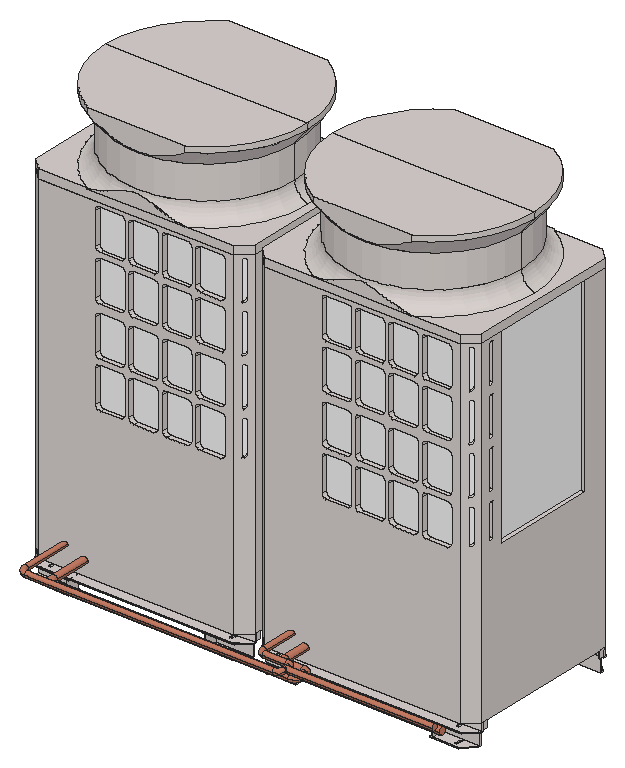
Revit family "PURY-EP550YSNW-A1", category 機械設備, Revit 2016 (continued)
Definition of nested family "PURY-EP300YNW-A1"
  Connectors
    piping at (-217, -189, 176), diameter 22.2, driven by "Gas pipe_radius"
      settings: on Extrusion 18, index 3, connector inside diameter 22.2 mm, connector length 0.000 mm, flow factor 0, pipe flow 0.0 L/s, pressure drop 0.0 Pa, fitting loss kfactor 0, connector angle 0.00°, fixture units 0, engagement length 0.000 mm, angle of deflection 0.00°, flow configuration 0, flow direction 0, fitting loss method 0, system type 22, joint type 0, gender type 0, connector reference index -1, connector utility 0, adjustable connector no, is connector primary yes, connector description "Refrigerant service valve (gas)"
    piping at (-300, -172, 176), diameter 9.52, driven by "Liquid pipe_radius"
      settings: on Extrusion 19, index 4, connector inside diameter 9.52 mm, connector length 0.000 mm, flow factor 0, pipe flow 0.0 L/s, pressure drop 0.0 Pa, fitting loss kfactor 0, connector angle 0.00°, fixture units 0, engagement length 0.000 mm, angle of deflection 0.00°, flow configuration 0, flow direction 0, fitting loss method 0, system type 22, joint type 0, gender type 0, connector reference index -1, connector utility 0, adjustable connector no, is connector primary no, connector description "Refrigerant service valve (Liquid)"
    electrical at (0, -370, 808)
      settings: on cut or joined group of Extrusion 1, Extrusion 2, Extrusion 3, Extrusion 4, Extrusion 5, Extrusion 6, Extrusion 7, Extrusion 8, Extrusion 9, Extrusion 10, Extrusion 11, Extrusion 12, Extrusion 13, Extrusion 14, Extrusion 15, Extrusion 16, Extrusion 17, Extrusion 20, Extrusion 21, Extrusion 22, Extrusion 23, Extrusion 24, Extrusion 25, Extrusion 26, Extrusion 27, Extrusion 28, Extrusion 29, Extrusion 30, Extrusion 31, Extrusion 32, index 5, voltage 415 V, apparent load 0 VA, apparent load phase1 0 VA, apparent load phase2 0 VA, apparent load phase3 0 VA, power factor 1, load classification none, number of poles 3, system type 30, power factor state 1, is connector primary yes, connector utility no, sub classification motor no, connector description ""
  Definition of nested family "FAN GUARD"
    Parameters
      WIDTH [instance] = 920.000 mm
    Reference planes
      plane 1 "中心(正面/背面)": y = 0
      plane 2: z = 0
      plane 3 "中心(左/右)": x = 0
      plane 4 "ファンガード基準面": z = 660
      plane 5: y = 370
      plane 6: y = -370
      plane 7: x = 460
      plane 8: x = -460
      plane 9 "ファンガード基準上面": z = 694
      plane 10 "ファンガード上面": z = 997
    Forms (mm)
      Extrusion 1, solid
        sketch origin (0, 0, 660) x (-1, 0, 0) y (0, -1, 0)
          loop
            line (410, -370) -> (460, -320) -> (460, 320) -> (410, 370) -> (-410, 370) -> (-460, 320) -> (-460, -320) -> (-410, -370) -> (410, -370)
        from 0 to 34
      Revolve 2, solid
        sketch origin (0, 0, 0) x (1, 0, 0) y (0, 0, 1)
          loop
            line (0, 694) -> (0, 997) -> (-423, 997) -> (-423, 973) -> (-368.829, 903.664) -> (-368.829, 764.141)
            arc (-368.829, 764.141) -> (-384.109, 719.678) -> (-423.494, 694) r 72.332
            line (-423.494, 694) -> (0, 694)
          axis (0, 997) -> (0, 694)
        angle from 0 to 360
      Extrusion 3, void
        sketch origin (0, 0, 694) x (-1, 0, 0) y (0, -1, 0)
          loop
            line (345, -370) -> (-345, -370) -> (-345, -545) -> (345, -545) -> (345, -370)
          loop
            line (345, 370) -> (345, 539.592) -> (-345, 539.592) -> (-345, 370) -> (345, 370)
        from 0 to 400
    Cuts and joins
      Extrusion 3 cuts Revolve 2
    Lines and regions (mm)
      model lines
        curve 1: line (-423, 0, 997) -> (-80, 0, 997)
        curve 2: line (80, 0, 997) -> (423, 0, 997)
        curve 3: circle (0, 0, 997) r 80 normal (0, 0, 1)
        curve 4: line (-415.366, -80, 997) -> (415.366, -80, 997)
        curve 5: line (-391.572, -160, 997) -> (391.572, -160, 997)
        curve 6: line (-348.323, -240, 997) -> (348.323, -240, 997)
        curve 7: line (-276.639, -320, 997) -> (276.639, -320, 997)
        curve 8: line (-415.366, 80, 997) -> (415.366, 80, 997)
        curve 9: line (-391.572, 160, 997) -> (391.572, 160, 997)
        curve 10: line (-348.323, 240, 997) -> (348.323, 240, 997)
        curve 11: line (-276.639, 320, 997) -> (276.639, 320, 997)
        curve 12: line (0, 370, 997) -> (0, -370, 997)
        curve 13: line (-20, 370, 997) -> (-20, -370, 997)
        curve 14: line (-40, 370, 997) -> (-40, -370, 997)
        curve 15: line (-60, 370, 997) -> (-60, -370, 997)
        curve 16: line (-80, 370, 997) -> (-80, -370, 997)
        curve 17: line (20, 370, 997) -> (20, -370, 997)
        curve 18: line (40, 370, 997) -> (40, -370, 997)
        curve 19: line (60, 370, 997) -> (60, -370, 997)
        curve 20: line (80, 370, 997) -> (80, -370, 997)
        curve 21: line (100, 370, 997) -> (100, -370, 997)
        curve 22: line (120, 370, 997) -> (120, -370, 997)
        curve 23: line (140, 370, 997) -> (140, -370, 997)
        curve 24: line (160, 370, 997) -> (160, -370, 997)
        curve 25: line (180, 370, 997) -> (180, -370, 997)
        curve 26: line (200, 370, 997) -> (200, -370, 997)
        curve 27: line (220, 361.288, 997) -> (220, -361.288, 997)
        curve 28: line (240, 348.323, 997) -> (240, -348.323, 997)
        curve 29: line (260, 333.66, 997) -> (260, -333.66, 997)
        curve 30: line (280, 317.063, 997) -> (280, -317.063, 997)
        curve 31: line (300, 298.21, 997) -> (300, -298.21, 997)
        curve 32: line (320, 276.639, 997) -> (320, -276.639, 997)
        curve 33: line (340, 251.653, 997) -> (340, -251.653, 997)
        curve 34: line (360, 222.101, 997) -> (360, -222.101, 997)
        curve 35: line (380, 185.82, 997) -> (380, -185.82, 997)
        curve 36: line (400, 137.583, 997) -> (400, -137.583, 997)
        curve 37: line (420, 50.289, 997) -> (420, -50.289, 997)
        curve 38: line (-100, 370, 997) -> (-100, -370, 997)
        curve 39: line (-120, 370, 997) -> (-120, -370, 997)
        curve 40: line (-140, 370, 997) -> (-140, -370, 997)
        curve 41: line (-160, 370, 997) -> (-160, -370, 997)
        curve 42: line (-180, 370, 997) -> (-180, -370, 997)
        curve 43: line (-200, 370, 997) -> (-200, -370, 997)
        curve 44: line (-220, 361.288, 997) -> (-220, -361.288, 997)
        curve 45: line (-240, 348.323, 997) -> (-240, -348.323, 997)
        curve 46: line (-260, 333.66, 997) -> (-260, -333.66, 997)
        curve 47: line (-280, 317.063, 997) -> (-280, -317.063, 997)
        curve 48: line (-300, 298.21, 997) -> (-300, -298.21, 997)
        curve 49: line (-320, 276.639, 997) -> (-320, -276.639, 997)
        curve 50: line (-340, 251.653, 997) -> (-340, -251.653, 997)
        curve 51: line (-360, 222.101, 997) -> (-360, -222.101, 997)
        curve 52: line (-380, 185.82, 997) -> (-380, -185.82, 997)
        curve 53: line (-400, 137.583, 997) -> (-400, -137.583, 997)
        curve 54: line (-420, 50.289, 997) -> (-420, -50.289, 997)
        curve 55: line (10, 79.373, 997) -> (10, -79.373, 997)
        curve 56: line (-10, 79.373, 997) -> (-10, -79.373, 997)
        curve 57: line (30, 74.162, 997) -> (30, -74.162, 997)
        curve 58: line (50, 62.45, 997) -> (50, -62.45, 997)
        curve 59: line (70, 38.73, 997) -> (70, -38.73, 997)
        curve 60: line (-30, 74.162, 997) -> (-30, -74.162, 997)
        curve 61: line (-50, 62.45, 997) -> (-50, -62.45, 997)
        curve 62: line (-70, 38.73, 997) -> (-70, -38.73, 997)
    Dimensions and locks
      "WIDTH": plane 8 to plane 7
      locked: plane 6 to plane 5 at 740
      equal spacing: plane 8, plane 3 "中心(左/右)", plane 7
      equal spacing: plane 6, plane 1 "中心(正面/背面)", plane 5
      plane 3 "中心(左/右)" to Revolve 2 sketch curve = 423.000 mm
      locked: plane 10 "ファンガード上面" to plane 9 "ファンガード基準上面" at 303
      aligned and locked: level to plane 2
      aligned and locked: plane 5 to Extrusion 1 sketch curve
      aligned and locked: Extrusion 1 sketch curve to plane 6
      aligned and locked: plane 8 to Extrusion 1 sketch curve
      aligned and locked: plane 7 to Extrusion 1 sketch curve
      aligned and locked: plane 9 "ファンガード基準上面" to Extrusion 1
      aligned and locked: plane 4 "ファンガード基準面" to Extrusion 1
      aligned and locked: plane 9 "ファンガード基準上面" to Revolve 2 sketch curve
      aligned and locked: Revolve 2 sketch curve to plane 3 "中心(左/右)"
      aligned and locked: Extrusion 1 to Extrusion 3 sketch curve
      aligned and locked: Extrusion 3 sketch curve to Extrusion 1
      aligned and locked: cut or joined group of Revolve 2, Extrusion 3 to plane 10 "ファンガード上面"
    Automatic sketch dimensions
      Extrusion 1 sketch curve to plane 7 = 50.000 mm  (x2)
      plane 8 to Extrusion 1 sketch curve = 50.000 mm  (x2)
      plane 5 to Extrusion 1 sketch curve = 50.000 mm  (x2)
      Extrusion 1 sketch curve to plane 6 = 50.000 mm  (x2)
      plane 3 "中心(左/右)" to Extrusion 3 sketch curve = 345.000 mm  (x2)
      Extrusion 3 sketch curve to plane 3 "中心(左/右)" = 345.000 mm  (x2)
      Extrusion 3 sketch curve to Extrusion 3 sketch curve = 175.000 mm
      Extrusion 3 sketch curve to Extrusion 3 sketch curve = 169.592 mm
      plane 1 "中心(正面/背面)" to curve 2 = 0.000 mm
      plane 1 "中心(正面/背面)" to curve 3 = 0.000 mm
      curve 3 to plane 3 "中心(左/右)" = 0.000 mm
      curve 12 to plane 3 "中心(左/右)" = 0.000 mm
      plane 1 "中心(正面/背面)" to curve 1 = 0.000 mm
      plane 3 "中心(左/右)" to curve 55 = 10.000 mm
      curve 17 to curve 12 = 20.000 mm
      curve 57 to curve 55 = 20.000 mm
      curve 18 to curve 17 = 20.000 mm
      curve 58 to curve 57 = 20.000 mm
      curve 19 to curve 18 = 20.000 mm
      curve 59 to curve 58 = 20.000 mm
      curve 20 to curve 19 = 20.000 mm
      curve 2 to curve 59 = 10.000 mm
      curve 21 to curve 20 = 20.000 mm
      curve 22 to curve 21 = 20.000 mm
      curve 23 to curve 22 = 20.000 mm
      curve 24 to curve 23 = 20.000 mm
      curve 25 to curve 24 = 20.000 mm
      curve 26 to curve 25 = 20.000 mm
      curve 27 to curve 26 = 20.000 mm
      curve 28 to curve 27 = 20.000 mm
      curve 29 to curve 28 = 20.000 mm
      curve 11 to curve 29 = 16.639 mm
      curve 7 to curve 29 = 16.639 mm
      curve 30 to curve 7 = 3.361 mm
      curve 31 to curve 30 = 20.000 mm
      curve 32 to curve 31 = 20.000 mm
      curve 33 to curve 32 = 20.000 mm
      curve 6 to curve 33 = 8.323 mm
      curve 10 to curve 33 = 8.323 mm
      curve 34 to curve 10 = 11.677 mm
      curve 35 to curve 34 = 20.000 mm
      curve 9 to curve 35 = 11.572 mm
      curve 5 to curve 35 = 11.572 mm
      curve 36 to curve 9 = 8.428 mm
      curve 8 to curve 36 = 15.366 mm
      curve 4 to curve 36 = 15.366 mm
      curve 37 to curve 8 = 4.634 mm
      curve 2 to curve 37 = 3.000 mm
      curve 56 to plane 3 "中心(左/右)" = 10.000 mm
      curve 13 to plane 3 "中心(左/右)" = 20.000 mm
      curve 56 to curve 60 = 20.000 mm
      curve 13 to curve 14 = 20.000 mm
      curve 60 to curve 61 = 20.000 mm
      curve 14 to curve 15 = 20.000 mm
      curve 61 to curve 62 = 20.000 mm
      curve 15 to curve 16 = 20.000 mm
      curve 16 to curve 38 = 20.000 mm
      curve 38 to curve 39 = 20.000 mm
      curve 39 to curve 40 = 20.000 mm
      curve 40 to curve 41 = 20.000 mm
      curve 41 to curve 42 = 20.000 mm
      curve 42 to curve 43 = 20.000 mm
      curve 43 to curve 44 = 20.000 mm
      curve 44 to curve 45 = 20.000 mm
      curve 45 to curve 46 = 20.000 mm
      curve 46 to curve 7 = 16.639 mm
      curve 46 to curve 11 = 16.639 mm
      curve 7 to curve 47 = 3.361 mm
      curve 47 to curve 48 = 20.000 mm
      curve 48 to curve 49 = 20.000 mm
      curve 49 to curve 50 = 20.000 mm
      curve 50 to curve 6 = 8.323 mm
      curve 50 to curve 10 = 8.323 mm
      curve 10 to curve 51 = 11.677 mm
      curve 51 to curve 52 = 20.000 mm
      curve 52 to curve 9 = 11.572 mm
      curve 52 to curve 5 = 11.572 mm
      curve 5 to curve 53 = 8.428 mm
      curve 53 to curve 4 = 15.366 mm
      curve 53 to curve 8 = 15.366 mm
      curve 4 to curve 54 = 4.634 mm
      curve 54 to curve 1 = 3.000 mm
      curve 8 to plane 1 "中心(正面/背面)" = 80.000 mm
      curve 36 to curve 8 = 57.583 mm
      curve 53 to curve 8 = 57.583 mm
      curve 9 to curve 36 = 22.417 mm
      curve 52 to curve 9 = 25.820 mm
      curve 35 to curve 9 = 25.820 mm
      curve 51 to curve 52 = 36.282 mm
      curve 34 to curve 35 = 36.282 mm
      curve 10 to curve 51 = 17.899 mm
      curve 33 to curve 10 = 11.653 mm
      curve 50 to curve 10 = 11.653 mm
      curve 49 to curve 50 = 24.986 mm
      curve 32 to curve 33 = 24.986 mm
      curve 48 to curve 49 = 21.571 mm
      curve 31 to curve 32 = 21.571 mm
      curve 47 to curve 48 = 18.853 mm
      curve 30 to curve 31 = 18.853 mm
      curve 11 to curve 30 = 2.937 mm
      curve 29 to curve 11 = 13.660 mm
      curve 46 to curve 11 = 13.660 mm
      curve 28 to curve 29 = 14.663 mm
      curve 45 to curve 46 = 14.663 mm
      curve 44 to curve 45 = 12.965 mm
      curve 27 to curve 28 = 12.965 mm
      curve 12 to curve 27 = 8.712 mm
      curve 12 to curve 21 = 0.000 mm
      curve 13 to curve 12 = 0.000 mm
      curve 14 to curve 13 = 0.000 mm  (x2)
      curve 12 to curve 18 = 0.000 mm
      curve 21 to curve 23 = 0.000 mm
      curve 43 to curve 44 = 8.712 mm
      curve 23 to curve 24 = 0.000 mm  (x2)
      curve 43 to curve 42 = 0.000 mm  (x2)
      curve 24 to curve 25 = 0.000 mm  (x2)
      curve 42 to curve 41 = 0.000 mm  (x2)
      curve 25 to curve 26 = 0.000 mm  (x2)
      curve 41 to curve 40 = 0.000 mm  (x2)
      curve 20 to curve 21 = 0.000 mm  (x2)
      curve 40 to curve 39 = 0.000 mm  (x2)
      curve 15 to curve 14 = 0.000 mm
      curve 39 to curve 38 = 0.000 mm
      curve 38 to curve 16 = 0.000 mm  (x2)
      curve 18 to curve 19 = 0.000 mm  (x2)
      curve 12 to curve 17 = 0.000 mm  (x2)
      curve 21 to curve 22 = 0.000 mm  (x2)
      curve 8 to curve 37 = 29.711 mm
      curve 8 to curve 54 = 29.711 mm
      plane 1 "中心(正面/背面)" to curve 37 = 50.289 mm
      plane 1 "中心(正面/背面)" to curve 54 = 50.289 mm
      curve 37 to curve 4 = 29.711 mm
      curve 4 to curve 36 = 57.583 mm
      curve 4 to curve 53 = 57.583 mm
      curve 36 to curve 5 = 22.417 mm
      curve 5 to curve 52 = 25.820 mm
      curve 5 to curve 35 = 25.820 mm
      curve 35 to curve 34 = 36.282 mm
      curve 52 to curve 51 = 36.282 mm
      curve 51 to curve 6 = 17.899 mm
      curve 6 to curve 50 = 11.653 mm
      curve 6 to curve 33 = 11.653 mm
      curve 50 to curve 49 = 24.986 mm
      curve 33 to curve 32 = 24.986 mm
      curve 49 to curve 48 = 21.571 mm
      curve 32 to curve 31 = 21.571 mm
      curve 48 to curve 47 = 18.853 mm
      curve 31 to curve 30 = 18.853 mm
      curve 30 to curve 7 = 2.937 mm
      curve 7 to curve 46 = 13.660 mm
      curve 7 to curve 29 = 13.660 mm
      curve 29 to curve 28 = 14.663 mm
      curve 46 to curve 45 = 14.663 mm
      curve 45 to curve 44 = 12.965 mm
      curve 28 to curve 27 = 12.965 mm
      curve 44 to curve 13 = 8.712 mm
      curve 27 to curve 23 = 8.712 mm
      curve 15 to curve 13 = 0.000 mm
      curve 44 to curve 42 = 8.712 mm
      curve 16 to curve 15 = 0.000 mm
      curve 22 to curve 23 = 0.000 mm
      curve 13 to curve 17 = 0.000 mm
      curve 17 to curve 19 = 0.000 mm
      Revolve 2 sketch curve to plane 3 "中心(左/右)" = 0.000 mm
      Revolve 2 sketch curve to plane 10 "ファンガード上面" = 0.000 mm
      plane 9 "ファンガード基準上面" to Revolve 2 sketch curve = 70.141 mm
      Revolve 2 sketch curve to Revolve 2 sketch curve = 18.161 mm
      Revolve 2 sketch curve to level = 1700.815 mm
      Revolve 2 sketch curve to plane 10 "ファンガード上面" = 93.336 mm
      Revolve 2 sketch curve to plane 10 "ファンガード上面" = 24.000 mm
      Revolve 2 sketch curve to Revolve 2 sketch curve = 790.769 mm
      Revolve 2 sketch curve to Revolve 2 sketch curve = 17.668 mm
  Definition of nested family "BASE LEG"
    Parameters
      Width [instance] = 920.000 mm
    Reference planes
      plane 1 "中心(正面/背面)": y = 0
      plane 2: z = 0
      plane 3 "中心(左/右)": x = 0
      plane 4: x = 460
      plane 5: x = -460
      plane 6: x = -380
      plane 7: x = 380
      plane 8: y = -18
      plane 9: y = 39
      plane 10: z = 53
      plane 11: y = 42
      plane 12: y = 27
      plane 13: x = 415
      plane 14: x = -415
      plane 15: z = 8
      plane 16: y = 11.5
      plane 17: z = 35
    Forms (mm)
      Extrusion 1, solid
        sketch origin (0, 0, 0) x (0, 1, 0) y (0, 0, 1)
          loop
            line (-18, 0) -> (36, 0) -> (36, 32) -> (56, 32) -> (56, 35) -> (33, 35) -> (33, 3) -> (-18, 3) -> (-18, 0)
        from -460 to 460
      Extrusion 2, void
        sketch origin (0, 0, 0) x (1, 0, 0) y (0, 1, 0)
          loop
            line (415, -18) -> (460, -18) -> (460, 27) -> (415, -18)
          loop
            line (-415, -18) -> (-460, 27) -> (-460, -18) -> (-415, -18)
        from 0 to 250
      Extrusion 3, void
        sketch origin (0, 12.023, 0) x (1, 0, 0) y (0, 1, 0)
          loop
            arc (373, -2.971) -> (380, -9.971) -> (387, -2.971) r 7
            line (387, -2.971) -> (387, 3.023)
            arc (387, 3.023) -> (380, 10.023) -> (373, 3.023) r 7
            line (373, 3.023) -> (373, -2.971)
          loop
            line (-373, -2.971) -> (-373, 3.023)
            arc (-373, 3.023) -> (-380, 10.023) -> (-387, 3.023) r 7
            line (-387, 3.023) -> (-387, -2.971)
            arc (-387, -2.971) -> (-380, -9.971) -> (-373, -2.971) r 7
        from 0 to 250
      Extrusion 4, solid
        sketch origin (0, 0, -3) x (1, 0, 0) y (0, 0, 1)
          loop
            line (457, 8) -> (460, 8) -> (460, 35) -> (457, 35) -> (457, 8)
          loop
            line (-457, 8) -> (-457, 35) -> (-460, 35) -> (-460, 8) -> (-457, 8)
        from -36 to -56
      Extrusion 5, solid
        sketch origin (150, 352, 0) x (1, 0, 0) y (0, 1, 0)
          loop
            line (310, -319) -> (305, -319) -> (305, -320) -> (255, -370) -> (260, -370) -> (310, -320) -> (310, -319)
        from 3 to 35
      Extrusion 6, void
        sketch origin (410, -18, 0) x (0.707107, 0.707107, 0) y (0, 0, 1)
          loop
            line (70.711, 3) -> (-6.741, 39.767) -> (-6.741, 3) -> (70.711, 3)
        from -190.256 to 23.776
      Extrusion 7, solid
        sketch origin (-150, 352, 0) x (-1, 0, 0) y (0, -1, 0)
          loop
            line (310, 319) -> (310, 320) -> (260, 370) -> (255, 370) -> (305, 320) -> (305, 319) -> (310, 319)
        from 3 to 35
      Extrusion 8, void
        sketch origin (-410, -18, 0) x (0.707107, -0.707107, 0) y (0, 0, -1)
          loop
            line (-70.711, -3) -> (0, -35) -> (6.741, -35) -> (6.741, -3) -> (-70.711, -3)
        from -190.256 to 23.776
    Cuts and joins
      Extrusion 2, Extrusion 3 cuts Extrusion 1
      joined: Extrusion 1, Extrusion 4
      Extrusion 8 cuts Extrusion 7
      Extrusion 6 cuts Extrusion 5
    Dimensions and locks
      "Width": plane 5 to plane 4
      equal spacing: plane 5, plane 3 "中心(左/右)", plane 4
      locked: plane 5 to plane 6 at 80
      locked: plane 7 to plane 4 at 80
      locked: plane 8 to plane 9 at 57
      locked: plane 10 to level at 53
      locked: plane 9 to plane 11 at 3
      plane 8 to plane 12 = 45.000 mm
      locked: plane 13 to plane 4 at 45
      locked: plane 5 to plane 14 at 45
      equal spacing: Extrusion 3 sketch curve, plane 7, Extrusion 3 sketch curve
      equal spacing: Extrusion 3 sketch curve, plane 6, Extrusion 3 sketch curve
      locked: plane 10 to plane 15 at 45
      locked: cut or joined group of Extrusion 1, Extrusion 2, Extrusion 3, Extrusion 4 to Extrusion 4 sketch curve at 3  (x2)
      locked: plane 8 to plane 16 at 29.5
      plane 8 to plane 11 = 60.000 mm
      cut or joined group of Extrusion 1, Extrusion 2, Extrusion 3, Extrusion 4 to cut or joined group of Extrusion 1, Extrusion 2, Extrusion 3, Extrusion 4 = 35.000 mm
      aligned and locked: level to plane 2
      aligned and locked: plane 8 to Extrusion 1 sketch curve
      aligned and locked: plane 4 to Extrusion 1
      aligned and locked: Extrusion 1 to plane 5
      aligned and locked: Extrusion 2 sketch curve to plane 4
      aligned and locked: Extrusion 2 sketch curve to plane 8
      aligned and locked: plane 12 to Extrusion 2 sketch curve
      aligned and locked: plane 13 to Extrusion 2 sketch curve
      aligned and locked: plane 4 to Extrusion 4 sketch curve
      aligned and locked: plane 5 to Extrusion 4 sketch curve
      aligned and locked: cut or joined group of Extrusion 7, Extrusion 8 to cut or joined group of Extrusion 1, Extrusion 2, Extrusion 3, Extrusion 4
    Automatic sketch dimensions
      Extrusion 3 sketch curve to plane 1 "中心(正面/背面)" = 9.052 mm  (x2)
      Extrusion 3 sketch curve to plane 7 = 7.000 mm
      Extrusion 3 sketch curve to plane 1 "中心(正面/背面)" = 15.046 mm  (x2)
      Extrusion 3 sketch curve to plane 6 = 7.000 mm
      Extrusion 2 sketch curve to plane 5 = 0.000 mm
      plane 8 to Extrusion 2 sketch curve = 0.000 mm
      Extrusion 2 sketch curve to plane 14 = 0.000 mm
      plane 12 to Extrusion 2 sketch curve = 0.000 mm
      Extrusion 4 sketch curve to plane 10 = 21.000 mm
      plane 7 to Extrusion 5 sketch curve = 25.000 mm
      Extrusion 5 sketch curve to Extrusion 5 sketch curve = 5.000 mm  (x2)
      plane 7 to Extrusion 5 sketch curve = 75.000 mm
      plane 8 to Extrusion 5 sketch curve = 0.000 mm
      Extrusion 5 sketch curve to Extrusion 5 sketch curve = 50.000 mm
      Extrusion 5 sketch curve to Extrusion 5 sketch curve = 0.000 mm
      Extrusion 5 sketch curve to Extrusion 5 sketch curve = 1.000 mm
      Extrusion 6 sketch curve to Extrusion 5 = 0.000 mm  (x2)
      Extrusion 6 sketch curve to Extrusion 5 = 6.741 mm
      Extrusion 6 sketch curve to Extrusion 5 = 4.767 mm
      plane 6 to Extrusion 7 sketch curve = 25.000 mm
      Extrusion 7 sketch curve to Extrusion 7 sketch curve = 5.000 mm  (x2)
      Extrusion 7 sketch curve to Extrusion 7 sketch curve = 45.000 mm
      Extrusion 7 sketch curve to plane 8 = 0.000 mm
      Extrusion 7 sketch curve to Extrusion 7 sketch curve = 50.000 mm
      Extrusion 7 sketch curve to Extrusion 7 sketch curve = 0.000 mm
      Extrusion 7 sketch curve to Extrusion 7 sketch curve = 1.000 mm
      Extrusion 8 sketch curve to Extrusion 7 = 0.000 mm  (x2)
      Extrusion 7 to Extrusion 8 sketch curve = 0.000 mm  (x2)
      Extrusion 7 to Extrusion 8 sketch curve = 6.741 mm
      Extrusion 4 sketch curve to plane 17 = 3.000 mm
      Extrusion 4 sketch curve to plane 15 = 3.000 mm  (x2)
      Extrusion 1 sketch curve to plane 17 = 0.000 mm
      Extrusion 1 sketch curve to level = 0.000 mm
      level to Extrusion 1 sketch curve = 3.000 mm
      plane 9 to Extrusion 1 sketch curve = 6.000 mm
      plane 9 to Extrusion 1 sketch curve = 3.000 mm
      Extrusion 1 sketch curve to plane 17 = 3.000 mm
      Extrusion 1 sketch curve to plane 11 = 14.000 mm
  Definition of nested family "ATTACHMENT LEG"
    Parameters
      Width = 145.000 mm
    Reference planes
      plane 1: z = 0
      plane 2 "中心(左/右)": x = -6
      plane 3: x = -52
      plane 4: x = 85
      plane 5: x = 93
      plane 6: y = -21
      plane 7: y = 27
      plane 8: x = -30
      plane 9: y = 39
      plane 10: z = 60
      plane 11: z = 57
      plane 12: z = 3
      plane 13: x = 82
      plane 14: y = 36
      plane 15: x = -75
      plane 16: y = 31
      plane 17 "幅": x = 93
      plane 18: y = 2.5
      plane 19: y = 21
      plane 20: y = -10
    Forms (mm)
      Extrusion 1, solid
        sketch origin (0, -1, 0) x (1, 0, 0) y (0, 1, 0)
          loop
            line (-75, 36) -> (-75, 27) -> (-28, -20) -> (93, -20) -> (93, 32) -> (85, 32) -> (85, 36) -> (-75, 36)
        from 0 to 60
      Extrusion 2, void
        sketch origin (0, -3, 0) x (1, 0, 0) y (0, 0, 1)
          loop
            line (-75, 57) -> (-75, 3) -> (82, 3) -> (82, 57) -> (-75, 57)
          loop
            line (93, 57) -> (85, 57) -> (85, 3) -> (93, 3) -> (93, 57)
        from -35 to 18
      Extrusion 3, void
        sketch origin (-6, 5.5, 0) x (1, 0, 0) y (0, 1, 0)
          loop
            arc (-7, -8.5) -> (0, -15.5) -> (7, -8.5) r 7
            line (7, -8.5) -> (7, 8.5)
            arc (7, 8.5) -> (0, 15.5) -> (-7, 8.5) r 7
            line (-7, 8.5) -> (-7, -8.5)
        from 0 to 60
    Cuts and joins
      Extrusion 2, Extrusion 3 cuts Extrusion 1
    Dimensions and locks
      locked: plane 3 to plane 4 at 137
      locked: plane 3 to plane 5 at 145
      plane 6 to plane 7 = 48.000 mm
      locked: plane 10 to level at 60
      Extrusion 3 sketch curve to plane 2 "中心(左/右)" = 7.000 mm
      locked: plane 15 to plane 2 "中心(左/右)" at 69
      locked: plane 15 to plane 8 at 45
      locked: plane 6 to plane 18 at 23.5
      cut or joined group of Extrusion 1, Extrusion 2, Extrusion 3 to cut or joined group of Extrusion 1, Extrusion 2, Extrusion 3 = 168.000 mm
      cut or joined group of Extrusion 1, Extrusion 2, Extrusion 3 to cut or joined group of Extrusion 1, Extrusion 2, Extrusion 3 = 56.000 mm  (x2)
      plane 14 to plane 6 = 57.000 mm
      aligned and locked: level to plane 1
      aligned and locked: Extrusion 1 sketch curve to plane 4
      aligned and locked: Extrusion 1 sketch curve to plane 5
      aligned: plane 8 to Extrusion 1 sketch curve
      aligned and locked: plane 10 to Extrusion 1
      aligned and locked: Extrusion 2 sketch curve to plane 11
      aligned: plane 3 to Extrusion 2 sketch curve
      aligned and locked: plane 12 to Extrusion 2 sketch curve
      aligned and locked: Extrusion 2 sketch curve to plane 13
      aligned and locked: plane 6 to Extrusion 2
      aligned and locked: plane 11 to Extrusion 2 sketch curve
      aligned and locked: plane 5 to Extrusion 2 sketch curve
      aligned and locked: Extrusion 2 sketch curve to plane 12
      aligned and locked: Extrusion 2 sketch curve to plane 4
      aligned and locked: plane 15 to Extrusion 1 sketch curve
      aligned and locked: Extrusion 2 sketch curve to cut or joined group of Extrusion 1, Extrusion 2, Extrusion 3
      aligned and locked: Extrusion 1 to plane 16
Definition of nested family "PURY-EP250YNW-A1"
  Parameters
    Model = "PURY-P250YNW-A"
    URL = "http://www.mitsubishielectric.com/"
    Manufacturer = "Mitsubishi Electric Corporation"
    Liquid pipe_radius = 4.760 mm
    Gas pipe_radius = 11.100 mm
  Reference planes
    plane 1 "Center (Front/Back)": y = 0
    plane 2: z = 0
    plane 3 "Center (Left/Right)": x = 0
    plane 4 "11": through (-415, 370, 1200) normal (0.7071, -0.7071, 0)
    plane 5 "22": through (-415, -370, 1200) normal (-0.7071, -0.7071, 0)
    plane 6 "44": through (460, 325, 1200) normal (-0.7071, -0.7071, 0)
    plane 7 "33": through (460, -325, 1200) normal (0.7071, -0.7071, 0)
    plane 8: z = 754.5
    plane 9: z = 909.5
    plane 10: x = -300
    plane 11: x = -217
    plane 12: y = 370
    plane 13: y = -370
    plane 14: x = -460
    plane 15: x = 460
  Forms (mm)
    Extrusion 1, solid
      sketch origin (0, 0, 113) x (-1, 0, 0) y (0, -1, 0)
        loop
          line (410, -370) -> (460, -320) -> (460, 320) -> (410, 370) -> (-410, 370) -> (-460, 320) -> (-460, -320) -> (-410, -370) -> (410, -370)
      from -18 to 1408
    Extrusion 2, void
      sketch origin (410, -370, 113) x (1, 0, 0) y (0, 0, -1)
        loop
          arc (-55, -1393.5) -> (-40.858, -1387.642) -> (-35, -1373.5) r 20
          line (-35, -1373.5) -> (-35, -1238.676)
          arc (-35, -1238.676) -> (-40.858, -1224.534) -> (-55, -1218.676) r 20
          line (-55, -1218.676) -> (-139.8, -1218.676)
          arc (-139.8, -1218.676) -> (-153.942, -1224.534) -> (-159.8, -1238.676) r 20
          line (-159.8, -1238.676) -> (-159.8, -1373.5)
          arc (-159.8, -1373.5) -> (-153.942, -1387.642) -> (-139.8, -1393.5) r 20
          line (-139.8, -1393.5) -> (-55, -1393.5)
      from 0 to 20
    Extrusion 3, void
      sketch origin (270, -370, 113) x (1, 0, 0) y (0, 0, -1)
        loop
          arc (-55, -1393.5) -> (-40.858, -1387.642) -> (-35, -1373.5) r 20
          line (-35, -1373.5) -> (-35, -1238.676)
          arc (-35, -1238.676) -> (-40.858, -1224.534) -> (-55, -1218.676) r 20
          line (-55, -1218.676) -> (-139.8, -1218.676)
          arc (-139.8, -1218.676) -> (-153.942, -1224.534) -> (-159.8, -1238.676) r 20
          line (-159.8, -1238.676) -> (-159.8, -1373.5)
          arc (-159.8, -1373.5) -> (-153.942, -1387.642) -> (-139.8, -1393.5) r 20
          line (-139.8, -1393.5) -> (-55, -1393.5)
      from 0 to 20
    Extrusion 4, void
      sketch origin (130, -370, 113) x (1, 0, 0) y (0, 0, -1)
        loop
          arc (-55, -1393.5) -> (-40.858, -1387.642) -> (-35, -1373.5) r 20
          line (-35, -1373.5) -> (-35, -1238.676)
          arc (-35, -1238.676) -> (-40.858, -1224.534) -> (-55, -1218.676) r 20
          line (-55, -1218.676) -> (-139.8, -1218.676)
          arc (-139.8, -1218.676) -> (-153.942, -1224.534) -> (-159.8, -1238.676) r 20
          line (-159.8, -1238.676) -> (-159.8, -1373.5)
          arc (-159.8, -1373.5) -> (-153.942, -1387.642) -> (-139.8, -1393.5) r 20
          line (-139.8, -1393.5) -> (-55, -1393.5)
      from 0 to 20
    Extrusion 5, void
      sketch origin (-10, -370, 113) x (1, 0, 0) y (0, 0, -1)
        loop
          arc (-55, -1393.5) -> (-40.858, -1387.642) -> (-35, -1373.5) r 20
          line (-35, -1373.5) -> (-35, -1238.676)
          arc (-35, -1238.676) -> (-40.858, -1224.534) -> (-55, -1218.676) r 20
          line (-55, -1218.676) -> (-139.8, -1218.676)
          arc (-139.8, -1218.676) -> (-153.942, -1224.534) -> (-159.8, -1238.676) r 20
          line (-159.8, -1238.676) -> (-159.8, -1373.5)
          arc (-159.8, -1373.5) -> (-153.942, -1387.642) -> (-139.8, -1393.5) r 20
          line (-139.8, -1393.5) -> (-55, -1393.5)
      from 0 to 20
    Extrusion 6, void
      sketch origin (410, -370, -81) x (1, 0, 0) y (0, 0, -1)
        loop
          arc (-55, -1393.5) -> (-40.858, -1387.642) -> (-35, -1373.5) r 20
          line (-35, -1373.5) -> (-35, -1238.676)
          arc (-35, -1238.676) -> (-40.858, -1224.534) -> (-55, -1218.676) r 20
          line (-55, -1218.676) -> (-139.8, -1218.676)
          arc (-139.8, -1218.676) -> (-153.942, -1224.534) -> (-159.8, -1238.676) r 20
          line (-159.8, -1238.676) -> (-159.8, -1373.5)
          arc (-159.8, -1373.5) -> (-153.942, -1387.642) -> (-139.8, -1393.5) r 20
          line (-139.8, -1393.5) -> (-55, -1393.5)
      from 0 to 20
    Extrusion 7, void
      sketch origin (270, -370, -81) x (1, 0, 0) y (0, 0, -1)
        loop
          arc (-55, -1393.5) -> (-40.858, -1387.642) -> (-35, -1373.5) r 20
          line (-35, -1373.5) -> (-35, -1238.676)
          arc (-35, -1238.676) -> (-40.858, -1224.534) -> (-55, -1218.676) r 20
          line (-55, -1218.676) -> (-139.8, -1218.676)
          arc (-139.8, -1218.676) -> (-153.942, -1224.534) -> (-159.8, -1238.676) r 20
          line (-159.8, -1238.676) -> (-159.8, -1373.5)
          arc (-159.8, -1373.5) -> (-153.942, -1387.642) -> (-139.8, -1393.5) r 20
          line (-139.8, -1393.5) -> (-55, -1393.5)
      from 0 to 20
    Extrusion 8, void
      sketch origin (130, -370, -81) x (1, 0, 0) y (0, 0, -1)
        loop
          arc (-55, -1393.5) -> (-40.858, -1387.642) -> (-35, -1373.5) r 20
          line (-35, -1373.5) -> (-35, -1238.676)
          arc (-35, -1238.676) -> (-40.858, -1224.534) -> (-55, -1218.676) r 20
          line (-55, -1218.676) -> (-139.8, -1218.676)
          arc (-139.8, -1218.676) -> (-153.942, -1224.534) -> (-159.8, -1238.676) r 20
          line (-159.8, -1238.676) -> (-159.8, -1373.5)
          arc (-159.8, -1373.5) -> (-153.942, -1387.642) -> (-139.8, -1393.5) r 20
          line (-139.8, -1393.5) -> (-55, -1393.5)
      from 0 to 20
    Extrusion 9, void
      sketch origin (-10, -370, -81) x (1, 0, 0) y (0, 0, -1)
        loop
          arc (-55, -1393.5) -> (-40.858, -1387.642) -> (-35, -1373.5) r 20
          line (-35, -1373.5) -> (-35, -1238.676)
          arc (-35, -1238.676) -> (-40.858, -1224.534) -> (-55, -1218.676) r 20
          line (-55, -1218.676) -> (-139.8, -1218.676)
          arc (-139.8, -1218.676) -> (-153.942, -1224.534) -> (-159.8, -1238.676) r 20
          line (-159.8, -1238.676) -> (-159.8, -1373.5)
          arc (-159.8, -1373.5) -> (-153.942, -1387.642) -> (-139.8, -1393.5) r 20
          line (-139.8, -1393.5) -> (-55, -1393.5)
      from 0 to 20
    Extrusion 10, void
      sketch origin (410, -370, -287) x (1, 0, 0) y (0, 0, -1)
        loop
          arc (-55, -1393.5) -> (-40.858, -1387.642) -> (-35, -1373.5) r 20
          line (-35, -1373.5) -> (-35, -1238.676)
          arc (-35, -1238.676) -> (-40.858, -1224.534) -> (-55, -1218.676) r 20
          line (-55, -1218.676) -> (-139.8, -1218.676)
          arc (-139.8, -1218.676) -> (-153.942, -1224.534) -> (-159.8, -1238.676) r 20
          line (-159.8, -1238.676) -> (-159.8, -1373.5)
          arc (-159.8, -1373.5) -> (-153.942, -1387.642) -> (-139.8, -1393.5) r 20
          line (-139.8, -1393.5) -> (-55, -1393.5)
      from 0 to 20
    Extrusion 11, void
      sketch origin (270, -370, -287) x (1, 0, 0) y (0, 0, -1)
        loop
          arc (-55, -1393.5) -> (-40.858, -1387.642) -> (-35, -1373.5) r 20
          line (-35, -1373.5) -> (-35, -1238.676)
          arc (-35, -1238.676) -> (-40.858, -1224.534) -> (-55, -1218.676) r 20
          line (-55, -1218.676) -> (-139.8, -1218.676)
          arc (-139.8, -1218.676) -> (-153.942, -1224.534) -> (-159.8, -1238.676) r 20
          line (-159.8, -1238.676) -> (-159.8, -1373.5)
          arc (-159.8, -1373.5) -> (-153.942, -1387.642) -> (-139.8, -1393.5) r 20
          line (-139.8, -1393.5) -> (-55, -1393.5)
      from 0 to 20
    Extrusion 12, void
      sketch origin (130, -370, -287) x (1, 0, 0) y (0, 0, -1)
        loop
          arc (-55, -1393.5) -> (-40.858, -1387.642) -> (-35, -1373.5) r 20
          line (-35, -1373.5) -> (-35, -1238.676)
          arc (-35, -1238.676) -> (-40.858, -1224.534) -> (-55, -1218.676) r 20
          line (-55, -1218.676) -> (-139.8, -1218.676)
          arc (-139.8, -1218.676) -> (-153.942, -1224.534) -> (-159.8, -1238.676) r 20
          line (-159.8, -1238.676) -> (-159.8, -1373.5)
          arc (-159.8, -1373.5) -> (-153.942, -1387.642) -> (-139.8, -1393.5) r 20
          line (-139.8, -1393.5) -> (-55, -1393.5)
      from 0 to 20
    Extrusion 13, void
      sketch origin (-10, -370, -287) x (1, 0, 0) y (0, 0, -1)
        loop
          arc (-55, -1393.5) -> (-40.858, -1387.642) -> (-35, -1373.5) r 20
          line (-35, -1373.5) -> (-35, -1238.676)
          arc (-35, -1238.676) -> (-40.858, -1224.534) -> (-55, -1218.676) r 20
          line (-55, -1218.676) -> (-139.8, -1218.676)
          arc (-139.8, -1218.676) -> (-153.942, -1224.534) -> (-159.8, -1238.676) r 20
          line (-159.8, -1238.676) -> (-159.8, -1373.5)
          arc (-159.8, -1373.5) -> (-153.942, -1387.642) -> (-139.8, -1393.5) r 20
          line (-139.8, -1393.5) -> (-55, -1393.5)
      from 0 to 20
    Extrusion 14, void
      sketch origin (410, -370, -481) x (1, 0, 0) y (0, 0, -1)
        loop
          arc (-55, -1393.5) -> (-40.858, -1387.642) -> (-35, -1373.5) r 20
          line (-35, -1373.5) -> (-35, -1238.676)
          arc (-35, -1238.676) -> (-40.858, -1224.534) -> (-55, -1218.676) r 20
          line (-55, -1218.676) -> (-139.8, -1218.676)
          arc (-139.8, -1218.676) -> (-153.942, -1224.534) -> (-159.8, -1238.676) r 20
          line (-159.8, -1238.676) -> (-159.8, -1373.5)
          arc (-159.8, -1373.5) -> (-153.942, -1387.642) -> (-139.8, -1393.5) r 20
          line (-139.8, -1393.5) -> (-55, -1393.5)
      from 0 to 20
    Extrusion 15, void
      sketch origin (270, -370, -481) x (1, 0, 0) y (0, 0, -1)
        loop
          arc (-55, -1393.5) -> (-40.858, -1387.642) -> (-35, -1373.5) r 20
          line (-35, -1373.5) -> (-35, -1238.676)
          arc (-35, -1238.676) -> (-40.858, -1224.534) -> (-55, -1218.676) r 20
          line (-55, -1218.676) -> (-139.8, -1218.676)
          arc (-139.8, -1218.676) -> (-153.942, -1224.534) -> (-159.8, -1238.676) r 20
          line (-159.8, -1238.676) -> (-159.8, -1373.5)
          arc (-159.8, -1373.5) -> (-153.942, -1387.642) -> (-139.8, -1393.5) r 20
          line (-139.8, -1393.5) -> (-55, -1393.5)
      from 0 to 20
    Extrusion 16, void
      sketch origin (130, -370, -481) x (1, 0, 0) y (0, 0, -1)
        loop
          arc (-55, -1393.5) -> (-40.858, -1387.642) -> (-35, -1373.5) r 20
          line (-35, -1373.5) -> (-35, -1238.676)
          arc (-35, -1238.676) -> (-40.858, -1224.534) -> (-55, -1218.676) r 20
          line (-55, -1218.676) -> (-139.8, -1218.676)
          arc (-139.8, -1218.676) -> (-153.942, -1224.534) -> (-159.8, -1238.676) r 20
          line (-159.8, -1238.676) -> (-159.8, -1373.5)
          arc (-159.8, -1373.5) -> (-153.942, -1387.642) -> (-139.8, -1393.5) r 20
          line (-139.8, -1393.5) -> (-55, -1393.5)
      from 0 to 20
    Extrusion 17, void
      sketch origin (-10, -370, -481) x (1, 0, 0) y (0, 0, -1)
        loop
          arc (-55, -1393.5) -> (-40.858, -1387.642) -> (-35, -1373.5) r 20
          line (-35, -1373.5) -> (-35, -1238.676)
          arc (-35, -1238.676) -> (-40.858, -1224.534) -> (-55, -1218.676) r 20
          line (-55, -1218.676) -> (-139.8, -1218.676)
          arc (-139.8, -1218.676) -> (-153.942, -1224.534) -> (-159.8, -1238.676) r 20
          line (-159.8, -1238.676) -> (-159.8, -1373.5)
          arc (-159.8, -1373.5) -> (-153.942, -1387.642) -> (-139.8, -1393.5) r 20
          line (-139.8, -1393.5) -> (-55, -1393.5)
      from 0 to 20
    Extrusion 18, solid
      sketch origin (0, -189, -3) x (0, 0, -1) y (-1, 0, 0)
        loop
          circle (-179, 217) r 11.1
      from 0 to 150
    Extrusion 19, solid
      sketch origin (0, -172, -3) x (0, 0, -1) y (-1, 0, 0)
        loop
          circle (-179, 300) r 4.76
      from 0 to 150
    Extrusion 20, void
      sketch origin (-460, -320, 113) x (0, -1, 0) y (0, 0, -1)
        loop
          line (-611.5, -1236.511) -> (-611.5, -1386.5)
          arc (-611.5, -1386.5) -> (-601.5, -1396.5) -> (-591.5, -1386.5) r 10
          line (-591.5, -1386.5) -> (-591.5, -1236.511)
          arc (-591.5, -1236.511) -> (-601.5, -1226.511) -> (-611.5, -1236.511) r 10
      from 0 to 20
    Extrusion 21, void
      sketch origin (-460, -320, -87.006) x (0, -1, 0) y (0, 0, -1)
        loop
          line (-611.5, -1236.511) -> (-611.5, -1386.5)
          arc (-611.5, -1386.5) -> (-601.5, -1396.5) -> (-591.5, -1386.5) r 10
          line (-591.5, -1386.5) -> (-591.5, -1236.511)
          arc (-591.5, -1236.511) -> (-601.5, -1226.511) -> (-611.5, -1236.511) r 10
      from 0 to 20
    Extrusion 22, void
      sketch origin (-460, -320, -287.006) x (0, -1, 0) y (0, 0, -1)
        loop
          line (-611.5, -1236.511) -> (-611.5, -1386.5)
          arc (-611.5, -1386.5) -> (-601.5, -1396.5) -> (-591.5, -1386.5) r 10
          line (-591.5, -1386.5) -> (-591.5, -1236.511)
          arc (-591.5, -1236.511) -> (-601.5, -1226.511) -> (-611.5, -1236.511) r 10
      from 0 to 20
    Extrusion 23, void
      sketch origin (-460, -320, -479.506) x (0, -1, 0) y (0, 0, -1)
        loop
          line (-611.5, -1244.006) -> (-611.5, -1379.006)
          arc (-611.5, -1379.006) -> (-601.5, -1389.006) -> (-591.5, -1379.006) r 10
          line (-591.5, -1379.006) -> (-591.5, -1244.006)
          arc (-591.5, -1244.006) -> (-601.5, -1234.006) -> (-611.5, -1244.006) r 10
      from 0 to 20
    Extrusion 24, void
      sketch origin (-460, -320, 113) x (0, -1, 0) y (0, 0, -1)
        loop
          line (-543, -1408) -> (-215, -1408) -> (-215, -632) -> (-543, -632) -> (-543, -1408)
      from 0 to 20
    Extrusion 25, void
      sketch origin (-410, 370, 113) x (0.707107, 0.707107, 0) y (0, 0, 1)
        loop
          line (-27.158, 1236.539) -> (-27.158, 1386.461)
          arc (-27.158, 1386.461) -> (-37.158, 1396.461) -> (-47.158, 1386.461) r 10
          line (-47.158, 1386.461) -> (-47.158, 1236.539)
          arc (-47.158, 1236.539) -> (-37.158, 1226.539) -> (-27.158, 1236.539) r 10
        loop
          line (-27.158, 1036.539) -> (-27.158, 1186.461)
          arc (-27.158, 1186.461) -> (-37.158, 1196.461) -> (-47.158, 1186.461) r 10
          line (-47.158, 1186.461) -> (-47.158, 1036.539)
          arc (-47.158, 1036.539) -> (-37.158, 1026.539) -> (-27.158, 1036.539) r 10
        loop
          line (-27.158, 836.539) -> (-27.158, 986.461)
          arc (-27.158, 986.461) -> (-37.158, 996.461) -> (-47.158, 986.461) r 10
          line (-47.158, 986.461) -> (-47.158, 836.539)
          arc (-47.158, 836.539) -> (-37.158, 826.539) -> (-27.158, 836.539) r 10
        loop
          line (-27.158, 652.5) -> (-27.158, 785.5)
          arc (-27.158, 785.5) -> (-37.158, 795.5) -> (-47.158, 785.5) r 10
          line (-47.158, 785.5) -> (-47.158, 652.5)
          arc (-47.158, 652.5) -> (-37.158, 642.5) -> (-27.158, 652.5) r 10
      from 0 to 20
    Extrusion 26, void
      sketch origin (460, -320, 113) x (0.707107, 0.707107, 0) y (0, 0, -1)
        loop
          arc (-25.5, -1236.423) -> (-35.5, -1226.423) -> (-45.5, -1236.423) r 10
          line (-45.5, -1236.423) -> (-45.5, -1386.487)
          arc (-45.5, -1386.487) -> (-35.5, -1396.487) -> (-25.5, -1386.487) r 10
          line (-25.5, -1386.487) -> (-25.5, -1236.423)
      from 0 to 20
    Extrusion 27, void
      sketch origin (460, -320, -86.884) x (0.707107, 0.707107, 0) y (0, 0, -1)
        loop
          arc (-25.5, -1236.423) -> (-35.5, -1226.423) -> (-45.5, -1236.423) r 10
          line (-45.5, -1236.423) -> (-45.5, -1386.487)
          arc (-45.5, -1386.487) -> (-35.5, -1396.487) -> (-25.5, -1386.487) r 10
          line (-25.5, -1386.487) -> (-25.5, -1236.423)
      from 0 to 20
    Extrusion 28, void
      sketch origin (460, -320, -286.884) x (0.707107, 0.707107, 0) y (0, 0, -1)
        loop
          arc (-25.5, -1236.423) -> (-35.5, -1226.423) -> (-45.5, -1236.423) r 10
          line (-45.5, -1236.423) -> (-45.5, -1386.487)
          arc (-45.5, -1386.487) -> (-35.5, -1396.487) -> (-25.5, -1386.487) r 10
          line (-25.5, -1386.487) -> (-25.5, -1236.423)
      from 0 to 20
    Extrusion 29, void
      sketch origin (460, -320, -487.987) x (0.707107, 0.707107, 0) y (0, 0, -1)
        loop
          arc (-25.5, -1253.487) -> (-35.5, -1243.487) -> (-45.5, -1253.487) r 10
          line (-45.5, -1253.487) -> (-45.5, -1386.487)
          arc (-45.5, -1386.487) -> (-35.5, -1396.487) -> (-25.5, -1386.487) r 10
          line (-25.5, -1386.487) -> (-25.5, -1253.487)
      from 0 to 20
    Extrusion 30, void
      sketch origin (460, 320, 113) x (0, 1, 0) y (0, 0, -1)
        loop
          line (-604, -1236.423) -> (-604, -1386.487)
          arc (-604, -1386.487) -> (-594, -1396.487) -> (-584, -1386.487) r 10
          line (-584, -1386.487) -> (-584, -1236.423)
          arc (-584, -1236.423) -> (-594, -1226.423) -> (-604, -1236.423) r 10
        loop
          line (-604, -1036.539) -> (-604, -1186.603)
          arc (-604, -1186.603) -> (-594, -1196.603) -> (-584, -1186.603) r 10
          line (-584, -1186.603) -> (-584, -1036.539)
          arc (-584, -1036.539) -> (-594, -1026.539) -> (-604, -1036.539) r 10
        loop
          line (-604, -836.539) -> (-604, -986.603)
          arc (-604, -986.603) -> (-594, -996.603) -> (-584, -986.603) r 10
          line (-584, -986.603) -> (-584, -836.539)
          arc (-584, -836.539) -> (-594, -826.539) -> (-604, -836.539) r 10
        loop
          line (-604, -652.5) -> (-604, -785.5)
          arc (-604, -785.5) -> (-594, -795.5) -> (-584, -785.5) r 10
          line (-584, -785.5) -> (-584, -652.5)
          arc (-584, -652.5) -> (-594, -642.5) -> (-604, -652.5) r 10
      from 0 to 20
    Extrusion 31, void
      sketch origin (460, 320, 113) x (0, 1, 0) y (0, 0, -1)
        loop
          line (-542, -1408) -> (-100, -1408) -> (-100, -611.5) -> (-542, -611.5) -> (-542, -1408)
      from 0 to 20
    Extrusion 32, void
      sketch origin (-410, 370, 113) x (-1, 0, 0) y (0, 0, -1)
        loop
          line (-718, -1408) -> (-47, -1408) -> (-47, -613) -> (-718, -613) -> (-718, -1408)
      from 0 to 20
  Cuts and joins
    Extrusion 2, Extrusion 3, Extrusion 4, Extrusion 5, Extrusion 6, Extrusion 7, Extrusion 8, Extrusion 9, Extrusion 10, Extrusion 11, Extrusion 12, Extrusion 13, Extrusion 14, Extrusion 15, Extrusion 16, Extrusion 17, Extrusion 20, Extrusion 21, Extrusion 22, Extrusion 23, Extrusion 24, Extrusion 25, Extrusion 26, Extrusion 27, Extrusion 28, Extrusion 29, Extrusion 30, Extrusion 31, Extrusion 32 cuts Extrusion 1
  Lines and regions (mm)
    model lines
      curve 1: line (-390, -370, 716) -> (390, -370, 716)
      curve 2: line (-390, -370, 1521) -> (-390, -370, 95)
      curve 3: line (390, -370, 1521) -> (390, -370, 95)
      curve 4: line (-172, -370, 95) -> (-172, -370, 207.5)
      curve 5: line (390, -370, 224.5) -> (199, -370, 224.5)
      curve 6: line (172, -370, 197.5) -> (172, -370, 95)
      curve 7: arc (-189, -370, 224.5) -> (-176.979, -370, 219.521) -> (-172, -370, 207.5) r 17
      curve 8: arc (199, -370, 224.5) -> (179.908, -370, 216.592) -> (172, -370, 197.5) r 27
      curve 9: line (-192, -291, 95) -> (-322, -291, 95)
      curve 10: line (-182, -207, 95) -> (-182, -281, 95)
      curve 11: line (-322, -197, 95) -> (-192, -197, 95)
      curve 12: line (-332, -281, 95) -> (-332, -207, 95)
      curve 13: arc (-332, -281, 95) -> (-329.071, -288.071, 95) -> (-322, -291, 95) r 10
      curve 14: arc (-192, -291, 95) -> (-184.929, -288.071, 95) -> (-182, -281, 95) r 10
      curve 15: arc (-182, -207, 95) -> (-184.929, -199.929, 95) -> (-192, -197, 95) r 10
      curve 16: arc (-322, -197, 95) -> (-329.071, -199.929, 95) -> (-332, -207, 95) r 10
      curve 25: line (-219, -370, 1521) -> (-219, -370, 716)
      curve 26: line (-189, -370, 224.5) -> (-390, -370, 224.5)
      curve 27: circle (308, -185, 95) r 26 normal (0, 0, 1)
      curve 28: circle (288, -260, 95) r 32.5 normal (0, 0, 1)
      curve 29: circle (244, -204, 95) r 17 normal (0, 0, 1)
      curve 30: line (-460, 243, 1521) -> (-460, 243, 95)
      curve 32: line (-460, 243, 705) -> (-460, -155, 705)
      curve 33: line (-460, -155, 95) -> (-460, -155, 1521)
      curve 34: line (-460, 223, 1521) -> (-460, 223, 705)
      curve 35: line (-460, -105, 1521) -> (-460, -105, 705)
      curve 36: line (-460, -95.983, 267.745) -> (-460, 184, 267.745)
      curve 37: line (-460, 184, 247.745) -> (-460, -95.983, 247.745)
      curve 38: arc (-460, -95.983, 247.745) -> (-460, -105.983, 257.745) -> (-460, -95.983, 267.745) r 10
      curve 39: arc (-460, 184, 267.745) -> (-460, 194, 257.745) -> (-460, 184, 247.745) r 10
      curve 40: line (-460, -95.983, 372.745) -> (-460, 184, 372.745)
      curve 41: line (-460, 184, 352.745) -> (-460, -95.983, 352.745)
      curve 42: arc (-460, -95.983, 352.745) -> (-460, -105.983, 362.745) -> (-460, -95.983, 372.745) r 10
      curve 43: arc (-460, 184, 372.745) -> (-460, 194, 362.745) -> (-460, 184, 352.745) r 10
      curve 44: line (-460, -95.983, 477.745) -> (-460, 184, 477.745)
      curve 45: line (-460, 184, 457.745) -> (-460, -95.983, 457.745)
      curve 46: arc (-460, -95.983, 457.745) -> (-460, -105.983, 467.745) -> (-460, -95.983, 477.745) r 10
      curve 47: arc (-460, 184, 477.745) -> (-460, 194, 467.745) -> (-460, 184, 457.745) r 10
      curve 48: line (-460, -95.983, 582.745) -> (-460, 184, 582.745)
      curve 49: line (-460, 184, 562.745) -> (-460, -95.983, 562.745)
      curve 50: arc (-460, -95.983, 562.745) -> (-460, -105.983, 572.745) -> (-460, -95.983, 582.745) r 10
      curve 51: arc (-460, 184, 582.745) -> (-460, 194, 572.745) -> (-460, 184, 562.745) r 10
      curve 52: line (-110, -370, 269) -> (110, -370, 269)
      curve 53: line (110, -370, 249) -> (-110, -370, 249)
      curve 54: arc (-120, -370, 259) -> (-117.071, -370, 266.071) -> (-110, -370, 269) r 10
      curve 55: arc (-110, -370, 249) -> (-117.071, -370, 251.929) -> (-120, -370, 259) r 10
      curve 56: arc (110, -370, 269) -> (117.071, -370, 266.071) -> (120, -370, 259) r 10
      curve 57: arc (120, -370, 259) -> (117.071, -370, 251.929) -> (110, -370, 249) r 10
      curve 58: line (-222.5, -370, 584) -> (222.5, -370, 584)
      curve 59: line (222.5, -370, 564) -> (-222.5, -370, 564)
      curve 60: arc (-222.5, -370, 584) -> (-229.571, -370, 581.071) -> (-232.5, -370, 574) r 10
      curve 61: arc (222.5, -370, 584) -> (229.571, -370, 581.071) -> (232.5, -370, 574) r 10
      curve 62: arc (232.5, -370, 574) -> (229.571, -370, 566.929) -> (222.5, -370, 564) r 10
      curve 63: arc (-222.5, -370, 564) -> (-229.571, -370, 566.929) -> (-232.5, -370, 574) r 10
      curve 64: line (-222.5, -370, 479) -> (222.5, -370, 479)
      curve 65: line (222.5, -370, 459) -> (-222.5, -370, 459)
      curve 66: arc (-222.5, -370, 479) -> (-229.571, -370, 476.071) -> (-232.5, -370, 469) r 10
      curve 67: arc (222.5, -370, 479) -> (229.571, -370, 476.071) -> (232.5, -370, 469) r 10
      curve 68: arc (232.5, -370, 469) -> (229.571, -370, 461.929) -> (222.5, -370, 459) r 10
      curve 69: arc (-222.5, -370, 459) -> (-229.571, -370, 461.929) -> (-232.5, -370, 469) r 10
      curve 70: line (-222.5, -370, 374) -> (222.5, -370, 374)
      curve 71: line (222.5, -370, 354) -> (-222.5, -370, 354)
      curve 72: arc (-222.5, -370, 374) -> (-229.571, -370, 371.071) -> (-232.5, -370, 364) r 10
      curve 73: arc (222.5, -370, 374) -> (229.571, -370, 371.071) -> (232.5, -370, 364) r 10
      curve 74: arc (232.5, -370, 364) -> (229.571, -370, 356.929) -> (222.5, -370, 354) r 10
      curve 75: arc (-222.5, -370, 354) -> (-229.571, -370, 356.929) -> (-232.5, -370, 364) r 10
      curve 76: line (460, -237.5, 1521) -> (460, -237.5, 95)
      curve 77: line (460, -237.5, 705) -> (460, 236.5, 705)
      curve 78: line (460, -237.5, 724.5) -> (460, 236.5, 724.5)
      curve 79: line (460, 236.5, 1521) -> (460, 236.5, 95)
      curve 80: line (327.5, 370, 1521) -> (327.5, 370, 95)
      curve 81: line (308, 370, 1521) -> (308, 370, 706)
      curve 82: line (327.5, 370, 706) -> (-382.5, 370, 706)
      curve 83: line (-382.5, 370, 1521) -> (-382.5, 370, 95)
      curve 84: line (-363, 370, 1521) -> (-363, 370, 706)
      curve 85: line (460, -140.491, 267.745) -> (460, 139.491, 267.745)
      curve 86: line (460, 139.491, 247.745) -> (460, -140.491, 247.745)
      curve 87: arc (460, -140.491, 247.745) -> (460, -150.491, 257.745) -> (460, -140.491, 267.745) r 10
      curve 88: arc (460, 139.491, 267.745) -> (460, 149.491, 257.745) -> (460, 139.491, 247.745) r 10
      curve 89: line (460, -140.491, 372.745) -> (460, 139.491, 372.745)
      curve 90: line (460, 139.491, 352.745) -> (460, -140.491, 352.745)
      curve 91: arc (460, -140.491, 352.745) -> (460, -150.491, 362.745) -> (460, -140.491, 372.745) r 10
      curve 92: arc (460, 139.491, 372.745) -> (460, 149.491, 362.745) -> (460, 139.491, 352.745) r 10
      curve 93: line (460, -140.491, 477.745) -> (460, 139.491, 477.745)
      curve 94: line (460, 139.491, 457.745) -> (460, -140.491, 457.745)
      curve 95: arc (460, -140.491, 457.745) -> (460, -150.491, 467.745) -> (460, -140.491, 477.745) r 10
      curve 96: arc (460, 139.491, 477.745) -> (460, 149.491, 467.745) -> (460, 139.491, 457.745) r 10
      curve 97: line (460, -140.491, 582.745) -> (460, 139.491, 582.745)
      curve 98: line (460, 139.491, 562.745) -> (460, -140.491, 562.745)
      curve 99: arc (460, -140.491, 562.745) -> (460, -150.491, 572.745) -> (460, -140.491, 582.745) r 10
      curve 100: arc (460, 139.491, 582.745) -> (460, 149.491, 572.745) -> (460, 139.491, 562.745) r 10
      curve 101: line (-222.5, 370, 584) -> (222.5, 370, 584)
      curve 102: line (222.5, 370, 564) -> (-222.5, 370, 564)
      curve 103: arc (-222.5, 370, 584) -> (-229.571, 370, 581.071) -> (-232.5, 370, 574) r 10
      curve 104: arc (222.5, 370, 584) -> (229.571, 370, 581.071) -> (232.5, 370, 574) r 10
      curve 105: arc (232.5, 370, 574) -> (229.571, 370, 566.929) -> (222.5, 370, 564) r 10
      curve 106: arc (-222.5, 370, 564) -> (-229.571, 370, 566.929) -> (-232.5, 370, 574) r 10
      curve 107: line (-222.5, 370, 479) -> (222.5, 370, 479)
      curve 108: line (222.5, 370, 459) -> (-222.5, 370, 459)
      curve 109: arc (-222.5, 370, 479) -> (-229.571, 370, 476.071) -> (-232.5, 370, 469) r 10
      curve 110: arc (222.5, 370, 479) -> (229.571, 370, 476.071) -> (232.5, 370, 469) r 10
      curve 111: arc (232.5, 370, 469) -> (229.571, 370, 461.929) -> (222.5, 370, 459) r 10
      curve 112: arc (-222.5, 370, 459) -> (-229.571, 370, 461.929) -> (-232.5, 370, 469) r 10
      curve 113: line (-222.5, 370, 374) -> (222.5, 370, 374)
      curve 114: line (222.5, 370, 354) -> (-222.5, 370, 354)
      curve 115: arc (-222.5, 370, 374) -> (-229.571, 370, 371.071) -> (-232.5, 370, 364) r 10
      curve 116: arc (222.5, 370, 374) -> (229.571, 370, 371.071) -> (232.5, 370, 364) r 10
      curve 117: arc (232.5, 370, 364) -> (229.571, 370, 356.929) -> (222.5, 370, 354) r 10
      curve 118: arc (-222.5, 370, 354) -> (-229.571, 370, 356.929) -> (-232.5, 370, 364) r 10
      curve 119: line (-222.5, 370, 269) -> (222.5, 370, 269)
      curve 120: line (222.5, 370, 249) -> (-222.5, 370, 249)
      curve 121: arc (-222.5, 370, 269) -> (-229.571, 370, 266.071) -> (-232.5, 370, 259) r 10
      curve 122: arc (222.5, 370, 269) -> (229.571, 370, 266.071) -> (232.5, 370, 259) r 10
      curve 123: arc (232.5, 370, 259) -> (229.571, 370, 251.929) -> (222.5, 370, 249) r 10
      curve 124: arc (-222.5, 370, 249) -> (-229.571, 370, 251.929) -> (-232.5, 370, 259) r 10
      curve 125: line (-325, -370, 131) -> (-197, -370, 131)
      curve 126: line (-335, -370, 205) -> (-335, -370, 141)
      curve 127: line (-197, -370, 215) -> (-325, -370, 215)
      curve 128: line (-187, -370, 141) -> (-187, -370, 205)
      curve 129: arc (-335, -370, 205) -> (-332.071, -370, 212.071) -> (-325, -370, 215) r 10
      curve 130: arc (-197, -370, 215) -> (-189.929, -370, 212.071) -> (-187, -370, 205) r 10
      curve 131: arc (-335, -370, 141) -> (-332.071, -370, 133.929) -> (-325, -370, 131) r 10
      curve 132: arc (-197, -370, 131) -> (-189.929, -370, 133.929) -> (-187, -370, 141) r 10
      curve 133: circle (328, -370, 170) r 20 normal (0, -1, 0)
      curve 134: circle (328, -370, 170) r 32.5 normal (0, -1, 0)
      curve 135: circle (253, -370, 185) r 13.5 normal (0, -1, 0)
      curve 136: circle (253, -370, 185) r 26 normal (0, -1, 0)
      curve 137: circle (204, -370, 150) r 17 normal (0, -1, 0)
    model lines, not visible
      curve 17: line (487.5, -370, 703) -> (492.5, -370, 703)
      curve 18: line (477.5, -370, 363) -> (477.5, -370, 693)
      curve 19: line (492.5, -370, 353) -> (487.5, -370, 353)
      curve 20: line (502.5, -370, 693) -> (502.5, -370, 363)
      curve 21: arc (487.5, -370, 703) -> (480.429, -370, 700.071) -> (477.5, -370, 693) r 10
      curve 22: arc (492.5, -370, 703) -> (499.571, -370, 700.071) -> (502.5, -370, 693) r 10
      curve 23: arc (502.5, -370, 363) -> (499.571, -370, 355.929) -> (492.5, -370, 353) r 10
      curve 24: arc (477.5, -370, 363) -> (480.429, -370, 355.929) -> (487.5, -370, 353) r 10
    reference lines
      curve 31: line (-410, 370, 0) -> (-460, 320, 0)
  Dimensions and locks
    nested 1 to level = 1858.000 mm
    nested 1 to nested 1 = 303.000 mm
    nested 5 to nested 5 = 60.000 mm
    nested 1 to nested 2 = 1495.000 mm
    Extrusion 1 to Extrusion 1 = 920.000 mm
    Extrusion 2 sketch curve to Extrusion 2 sketch curve = 174.824 mm
    Extrusion 3 sketch curve to Extrusion 3 sketch curve = 174.824 mm
    equal spacing: group 5, group 4, group 3, group 2
    equal spacing: group 2, group 3, group 4, group 5  (x2)
    Extrusion 4 sketch curve to Extrusion 4 sketch curve = 174.824 mm
    Extrusion 5 sketch curve to Extrusion 5 sketch curve = 174.824 mm
    Extrusion 6 sketch curve to Extrusion 6 sketch curve = 174.824 mm
    Extrusion 7 sketch curve to Extrusion 7 sketch curve = 174.824 mm
    Extrusion 8 sketch curve to Extrusion 8 sketch curve = 174.824 mm
    Extrusion 9 sketch curve to Extrusion 9 sketch curve = 174.824 mm
    Extrusion 10 sketch curve to Extrusion 10 sketch curve = 174.824 mm
    Extrusion 11 sketch curve to Extrusion 11 sketch curve = 174.824 mm
    Extrusion 12 sketch curve to Extrusion 12 sketch curve = 174.824 mm
    Extrusion 13 sketch curve to Extrusion 13 sketch curve = 174.824 mm
    Extrusion 14 sketch curve to Extrusion 14 sketch curve = 174.824 mm
    Extrusion 15 sketch curve to Extrusion 15 sketch curve = 174.824 mm
    Extrusion 16 sketch curve to Extrusion 16 sketch curve = 174.824 mm
    Extrusion 17 sketch curve to Extrusion 17 sketch curve = 174.824 mm
